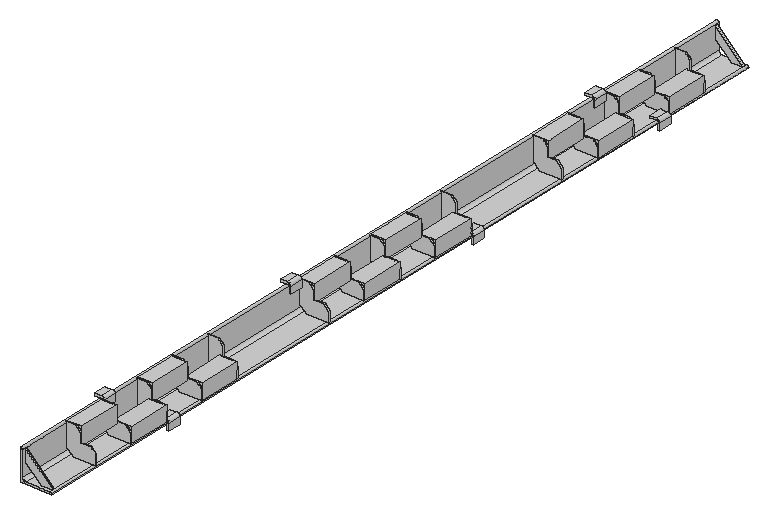
Revit family "ORMA_ORMA OUTSIDE CORNER 3,3_1908273", category Generic Models, Revit 2018
Family settings
  Can host rebar = No
  Round Connector Dimension = Use Diameter
  Part Type = Normal
  OmniClass Number = 35.51.14.00
  OmniClass Title = FORMWORK
  Work Plane-Based = Yes
  Always vertical = No
  Cut with Voids When Loaded = No
  Shared = Yes
  Room Calculation Point = No
Parameters
  VERSION = "20190101"  # constant formula
  URL = "www.ulmaconstruction.com/en"
  UNICLASS = ""
  ITEM_CODE = "1908273"
  Manufacturer = "ULMA CONSTRUCTION"  # constant formula
  FILTER [instance] = ""
  Default Elevation = 0.000 mm
  CLASSIFICATION_TITLE = ""
  CLASSIFICATION_NUMBER = ""
Reference planes
  plane 1 "Centro (Frontal/Posterior)": y = 0
  plane 2: z = 0
  plane 3 "Centro (Izquierda/Derecha)": x = 0
  plane 4 "ITEM_HEIGHT": y = 3300
Forms (mm)
  Extrusion 1, solid, material "ULMA ZINC"
    sketch origin (0, 0, 0) x (1, 0, 0) y (0, 0, 1)
      loop
        line (8, 21) -> (8, 113.5)
        arc (8, 113.5) -> (6.096, 118.096) -> (1.5, 120) r 6.5
        line (1.5, 120) -> (0, 120) -> (0, 0) -> (120, 0) -> (120, 1.5)
        arc (120, 1.5) -> (118.096, 6.096) -> (113.5, 8) r 6.5
        line (113.5, 8) -> (21, 8)
        arc (21, 8) -> (11.808, 11.808) -> (8, 21) r 13
    from -3300 to 0
  Extrusion 2, solid, material "ULMA ZINC", detail levels fine
    sketch origin (0, 0, 0) x (1, 0, 0) y (0, 0, 1)
      loop
        line (8, 37) -> (37, 8) -> (120, 8) -> (120, 46) -> (101, 65) -> (65, 65) -> (65, 101) -> (46, 120) -> (8, 120) -> (8, 37)
    from -210 to -206
  Extrusion 3, solid, material "ULMA ZINC", detail levels fine
    sketch origin (0, 0, 0) x (1, 0, 0) y (0, 0, 1)
      loop
        line (65, 120) -> (8, 120) -> (8, 40) -> (29.721, 40) -> (65, 54.975) -> (65, 120)
    from -374 to -210
  Extrusion 4, solid, material "ULMA ZINC", detail levels fine
    sketch origin (0, 168, 0) x (1, 0, 0) y (0, 0, 1)
      loop
        line (8, 37) -> (37, 8) -> (120, 8) -> (120, 46) -> (101, 65) -> (65, 65) -> (65, 101) -> (46, 120) -> (8, 120) -> (8, 37)
    from -210 to -206
  Extrusion 5, solid, material "ULMA ZINC", detail levels fine
    sketch origin (0, 168, 0) x (1, 0, 0) y (0, 0, 1)
      loop
        line (40, 29.721) -> (40, 8) -> (120, 8) -> (120, 65) -> (54.975, 65) -> (40, 29.721)
    from -374 to -210
  Extrusion 6, solid, material "ULMA ZINC", detail levels fine
    sketch origin (0, 336, 0) x (1, 0, 0) y (0, 0, 1)
      loop
        line (8, 37) -> (37, 8) -> (120, 8) -> (120, 46) -> (101, 65) -> (65, 65) -> (65, 101) -> (46, 120) -> (8, 120) -> (8, 37)
    from -210 to -206
  Extrusion 7, solid, material "ULMA ZINC", detail levels fine
    sketch origin (0, 504, 0) x (1, 0, 0) y (0, 0, 1)
      loop
        line (8, 37) -> (37, 8) -> (120, 8) -> (120, 46) -> (101, 65) -> (65, 65) -> (65, 101) -> (46, 120) -> (8, 120) -> (8, 37)
    from -210 to -206
  Extrusion 8, solid, material "ULMA ZINC", detail levels fine
    sketch origin (0, 672, 0) x (1, 0, 0) y (0, 0, 1)
      loop
        line (8, 37) -> (37, 8) -> (120, 8) -> (120, 46) -> (101, 65) -> (65, 65) -> (65, 101) -> (46, 120) -> (8, 120) -> (8, 37)
    from -210 to -206
  Extrusion 9, solid, material "ULMA ZINC", detail levels fine
    sketch origin (0, 336, 0) x (1, 0, 0) y (0, 0, 1)
      loop
        line (65, 120) -> (8, 120) -> (8, 40) -> (29.721, 40) -> (65, 54.975) -> (65, 120)
    from -374 to -210
  Extrusion 10, solid, material "ULMA ZINC", detail levels fine
    sketch origin (0, 504, 0) x (1, 0, 0) y (0, 0, 1)
      loop
        line (40, 29.721) -> (40, 8) -> (120, 8) -> (120, 65) -> (54.975, 65) -> (40, 29.721)
    from -374 to -210
  Extrusion 11, solid, material "ULMA ZINC", detail levels fine
    sketch origin (0, 1106, 0) x (1, 0, 0) y (0, 0, 1)
      loop
        line (8, 37) -> (37, 8) -> (120, 8) -> (120, 46) -> (101, 65) -> (65, 65) -> (65, 101) -> (46, 120) -> (8, 120) -> (8, 37)
    from -210 to -206
  Extrusion 12, solid, material "ULMA ZINC", detail levels fine
    sketch origin (0, 1106, 0) x (1, 0, 0) y (0, 0, 1)
      loop
        line (65, 120) -> (8, 120) -> (8, 40) -> (29.721, 40) -> (65, 54.975) -> (65, 120)
    from -374 to -210
  Extrusion 13, solid, material "ULMA ZINC", detail levels fine
    sketch origin (0, 1274, 0) x (1, 0, 0) y (0, 0, 1)
      loop
        line (8, 37) -> (37, 8) -> (120, 8) -> (120, 46) -> (101, 65) -> (65, 65) -> (65, 101) -> (46, 120) -> (8, 120) -> (8, 37)
    from -210 to -206
  Extrusion 14, solid, material "ULMA ZINC", detail levels fine
    sketch origin (0, 1274, 0) x (1, 0, 0) y (0, 0, 1)
      loop
        line (40, 29.721) -> (40, 8) -> (120, 8) -> (120, 65) -> (54.975, 65) -> (40, 29.721)
    from -374 to -210
  Extrusion 15, solid, material "ULMA ZINC", detail levels fine
    sketch origin (0, 1442, 0) x (1, 0, 0) y (0, 0, 1)
      loop
        line (8, 37) -> (37, 8) -> (120, 8) -> (120, 46) -> (101, 65) -> (65, 65) -> (65, 101) -> (46, 120) -> (8, 120) -> (8, 37)
    from -210 to -206
  Extrusion 16, solid, material "ULMA ZINC", detail levels fine
    sketch origin (0, 1442, 0) x (1, 0, 0) y (0, 0, 1)
      loop
        line (65, 120) -> (8, 120) -> (8, 40) -> (29.721, 40) -> (65, 54.975) -> (65, 120)
    from -374 to -210
  Extrusion 17, solid, material "ULMA ZINC", detail levels fine
    sketch origin (0, 1610, 0) x (1, 0, 0) y (0, 0, 1)
      loop
        line (40, 29.721) -> (40, 8) -> (120, 8) -> (120, 65) -> (54.975, 65) -> (40, 29.721)
    from -374 to -210
  Extrusion 18, solid, material "ULMA ZINC", detail levels fine
    sketch origin (0, 1610, 0) x (1, 0, 0) y (0, 0, 1)
      loop
        line (8, 37) -> (37, 8) -> (120, 8) -> (120, 46) -> (101, 65) -> (65, 65) -> (65, 101) -> (46, 120) -> (8, 120) -> (8, 37)
    from -210 to -206
  Extrusion 19, solid, material "ULMA ZINC", detail levels fine
    sketch origin (0, 1778, 0) x (1, 0, 0) y (0, 0, 1)
      loop
        line (8, 37) -> (37, 8) -> (120, 8) -> (120, 46) -> (101, 65) -> (65, 65) -> (65, 101) -> (46, 120) -> (8, 120) -> (8, 37)
    from -210 to -206
  Extrusion 20, solid, material "ULMA ZINC", detail levels fine
    sketch origin (0, 2212, 0) x (1, 0, 0) y (0, 0, 1)
      loop
        line (8, 37) -> (37, 8) -> (120, 8) -> (120, 46) -> (101, 65) -> (65, 65) -> (65, 101) -> (46, 120) -> (8, 120) -> (8, 37)
    from -210 to -206
  Extrusion 21, solid, material "ULMA ZINC", detail levels fine
    sketch origin (0, 2380, 0) x (1, 0, 0) y (0, 0, 1)
      loop
        line (8, 37) -> (37, 8) -> (120, 8) -> (120, 46) -> (101, 65) -> (65, 65) -> (65, 101) -> (46, 120) -> (8, 120) -> (8, 37)
    from -210 to -206
  Extrusion 22, solid, material "ULMA ZINC", detail levels fine
    sketch origin (0, 2548, 0) x (1, 0, 0) y (0, 0, 1)
      loop
        line (8, 37) -> (37, 8) -> (120, 8) -> (120, 46) -> (101, 65) -> (65, 65) -> (65, 101) -> (46, 120) -> (8, 120) -> (8, 37)
    from -210 to -206
  Extrusion 23, solid, material "ULMA ZINC", detail levels fine
    sketch origin (0, 2716, 0) x (1, 0, 0) y (0, 0, 1)
      loop
        line (8, 37) -> (37, 8) -> (120, 8) -> (120, 46) -> (101, 65) -> (65, 65) -> (65, 101) -> (46, 120) -> (8, 120) -> (8, 37)
    from -210 to -206
  Extrusion 24, solid, material "ULMA ZINC", detail levels fine
    sketch origin (0, 2884, 0) x (1, 0, 0) y (0, 0, 1)
      loop
        line (8, 37) -> (37, 8) -> (120, 8) -> (120, 46) -> (101, 65) -> (65, 65) -> (65, 101) -> (46, 120) -> (8, 120) -> (8, 37)
    from -210 to -206
  Extrusion 25, solid, material "ULMA ZINC", detail levels fine
    sketch origin (0, 2212, 0) x (1, 0, 0) y (0, 0, 1)
      loop
        line (65, 120) -> (8, 120) -> (8, 40) -> (29.721, 40) -> (65, 54.975) -> (65, 120)
    from -374 to -210
  Extrusion 26, solid, material "ULMA ZINC", detail levels fine
    sketch origin (0, 2548, 0) x (1, 0, 0) y (0, 0, 1)
      loop
        line (65, 120) -> (8, 120) -> (8, 40) -> (29.721, 40) -> (65, 54.975) -> (65, 120)
    from -374 to -210
  Extrusion 27, solid, material "ULMA ZINC", detail levels fine
    sketch origin (0, 2380, 0) x (1, 0, 0) y (0, 0, 1)
      loop
        line (40, 29.721) -> (40, 8) -> (120, 8) -> (120, 65) -> (54.975, 65) -> (40, 29.721)
    from -374 to -210
  Extrusion 28, solid, material "ULMA ZINC", detail levels fine
    sketch origin (0, 2716, 0) x (1, 0, 0) y (0, 0, 1)
      loop
        line (40, 29.721) -> (40, 8) -> (120, 8) -> (120, 65) -> (54.975, 65) -> (40, 29.721)
    from -374 to -210
  Extrusion 29, solid, material "ULMA ZINC", detail levels fine
    sketch origin (0, 0, 0) x (1, 0, 0) y (0, 0, 1)
      loop
        line (114.066, 8) -> (8, 114.066) -> (8, 71.64) -> (71.64, 8) -> (114.066, 8)
    from -3290 to -3282
  Extrusion 30, solid, material "ULMA ZINC", detail levels fine
    sketch origin (0, 0, 0) x (1, 0, 0) y (0, 0, 1)
      loop
        line (114.066, 8) -> (8, 114.066) -> (8, 71.64) -> (71.64, 8) -> (114.066, 8)
    from -18 to -10
  Extrusion 31, solid, material "ULMA ZINC", detail levels fine
    sketch origin (0, 0, 0) x (1, 0, 0) y (0, 0, 1)
      loop
        line (4, 128) -> (-21.5, 128) -> (-21.5, 120) -> (2, 120)
        arc (2, 120) -> (6.243, 118.243) -> (8, 114) r 6
        line (8, 114) -> (8, 90.5) -> (16, 90.5) -> (16, 116)
        arc (16, 116) -> (12.485, 124.485) -> (4, 128) r 12
    from -428 to -378
  Extrusion 32, solid, material "ULMA ZINC", detail levels fine
    sketch origin (0, 0, 0) x (1, 0, 0) y (0, 0, 1)
      loop
        line (120, 2) -> (120, -21.5) -> (128, -21.5) -> (128, 4)
        arc (128, 4) -> (124.485, 12.485) -> (116, 16) r 12
        line (116, 16) -> (90.5, 16) -> (90.5, 8) -> (114, 8)
        arc (114, 8) -> (118.243, 6.243) -> (120, 2) r 6
    from -596 to -546
  Extrusion 33, solid, material "ULMA ZINC", detail levels fine
    sketch origin (0, 240, 0) x (1, 0, 0) y (0, 0, 1)
      loop
        line (120, 2) -> (120, -21.5) -> (128, -21.5) -> (128, 4)
        arc (128, 4) -> (124.485, 12.485) -> (116, 16) r 12
        line (116, 16) -> (90.5, 16) -> (90.5, 8) -> (114, 8)
        arc (114, 8) -> (118.243, 6.243) -> (120, 2) r 6
    from -1798 to -1748
  Extrusion 34, solid, material "ULMA ZINC", detail levels fine
    sketch origin (0, 420, 0) x (1, 0, 0) y (0, 0, 1)
      loop
        line (120, 2) -> (120, -21.5) -> (128, -21.5) -> (128, 4)
        arc (128, 4) -> (124.485, 12.485) -> (116, 16) r 12
        line (116, 16) -> (90.5, 16) -> (90.5, 8) -> (114, 8)
        arc (114, 8) -> (118.243, 6.243) -> (120, 2) r 6
    from -2502 to -2452
  Extrusion 35, solid, material "ULMA ZINC", detail levels fine
    sketch origin (0, 205, 0) x (1, 0, 0) y (0, 0, 1)
      loop
        line (4, 128) -> (-21.5, 128) -> (-21.5, 120) -> (2, 120)
        arc (2, 120) -> (6.243, 118.243) -> (8, 114) r 6
        line (8, 114) -> (8, 90.5) -> (16, 90.5) -> (16, 116)
        arc (16, 116) -> (12.485, 124.485) -> (4, 128) r 12
    from -1107 to -1057
  Extrusion 36, solid, material "ULMA ZINC", detail levels fine
    sketch origin (0, 495, 0) x (1, 0, 0) y (0, 0, 1)
      loop
        line (4, 128) -> (-21.5, 128) -> (-21.5, 120) -> (2, 120)
        arc (2, 120) -> (6.243, 118.243) -> (8, 114) r 6
        line (8, 114) -> (8, 90.5) -> (16, 90.5) -> (16, 116)
        arc (16, 116) -> (12.485, 124.485) -> (4, 128) r 12
    from -2259 to -2209
Lines and regions (mm)
  model lines, style "ULMA PANELS", detail levels fine
    curve 1: circle (80, 120, 0) r 11 normal (0, 0, 1)
    curve 2: circle (80, 3180, 0) r 11 normal (0, 0, 1)
    curve 3: circle (80, 120, 8) r 11 normal (0, 0, 1)
    curve 4: circle (80, 3180, 8) r 11 normal (0, 0, 1)
    curve 5: circle (0, 120, 80) r 11 normal (1, 0, 0)
    curve 6: circle (0, 3180, 80) r 11 normal (1, 0, 0)
    curve 7: circle (8, 3180, 80) r 11 normal (1, 0, 0)
    curve 8: circle (8, 120, 80) r 11 normal (1, 0, 0)
Dimensions and locks
  locked: plane 1 "Centro (Frontal/Posterior)" to plane 4 "ITEM_HEIGHT" at 3300
  aligned and locked: level to plane 2
  aligned and locked: plane 1 "Centro (Frontal/Posterior)" to Extrusion 1
  aligned and locked: plane 4 "ITEM_HEIGHT" to Extrusion 1
  aligned and locked: Extrusion 3 to Extrusion 2
  aligned and locked: Extrusion 4 to Extrusion 3
  aligned and locked: Extrusion 5 to Extrusion 4
  aligned and locked: Extrusion 6 to Extrusion 5
  aligned and locked: Extrusion 9 to Extrusion 6
  aligned and locked: Extrusion 7 to Extrusion 9
  aligned and locked: Extrusion 10 to Extrusion 7
  aligned and locked: Extrusion 8 to Extrusion 10
  aligned and locked: Extrusion 12 to Extrusion 11
  aligned and locked: Extrusion 13 to Extrusion 12
  aligned and locked: Extrusion 14 to Extrusion 13
  aligned and locked: Extrusion 15 to Extrusion 14
  aligned and locked: Extrusion 16 to Extrusion 15
  aligned and locked: Extrusion 18 to Extrusion 16
  aligned and locked: Extrusion 17 to Extrusion 18
  aligned and locked: Extrusion 19 to Extrusion 17
  aligned and locked: Extrusion 25 to Extrusion 20
  aligned and locked: Extrusion 21 to Extrusion 25
  aligned and locked: Extrusion 27 to Extrusion 21
  aligned and locked: Extrusion 22 to Extrusion 27
  aligned and locked: Extrusion 26 to Extrusion 22
  aligned and locked: Extrusion 23 to Extrusion 26
  aligned and locked: Extrusion 28 to Extrusion 23
  aligned and locked: Extrusion 24 to Extrusion 28
